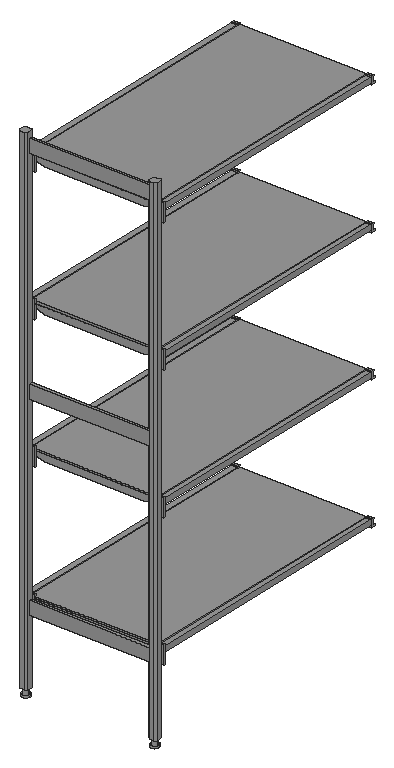
Revit family "QF_ZANUSSI_137072_CLS918", category Attrezzature speciali, Revit 2020
Family settings
  Quota connettore circolare = Usa diametro
  Tipo di parte = Normale
  Basato su piano di lavoro = No
  Sempre verticale = Sì
  Taglio con vuoti quando caricato = No
  Condiviso = No
  Punto di calcolo locali = No
Parameters (values of type "Standard")
  Weight = 17.00 kg
  Watts = 0 W
  Volts = 0 V
  URL Manufacturer = "http://www.zanussiprofessional.com"
  URL = "http://www.zanussiprofessional.com"
  Steam Supply Size = 0 mm
  Steam Supply Minimum Pressure = 0.0 Pa
  Steam Supply Maximum Pressure = 0.0 Pa
  Steam Consumption per Hour = 0
  Refrigeration Suction Line Size = 0.0 mm
  Refrigeration Liquid Line Size = 0.0 mm
  Refrigerant Compressor Remote = yes
  Prospetto di default = 0.0 mm
  Phase = 0
  Modello = "CLS918"
  Produttore = "Zanussi"
  Length Actual = 922.0 mm  # constant formula
  Item Number = "137072"
  Hot Water Size = 0 mm
  Height Actual = 1700.0 mm  # constant formula
  HP = "0 HP"
  Gas Size = 0 mm
  Gas KW = 0
  Gas Input Pressure = 0 W
  Direct Waste Size = 0 mm
  Descrizione = "ALUM.CORNER SHELV.-POLY.TIERS-475X922MM"
  Depth Actual = 474.0 mm  # constant formula
  Cycle = 0 Hz
  Condensate Return Size = 0 mm
  Compressed Air Volume = 0.0 L/s
  Compressed Air Size = 0 mm
  Compressed Air Pressure = 0.0 Pa
  Cold Water Size = 0 mm
  Accessory = yes
Reference planes
  plane 1: z = 0
  plane 2 "Center (F/B)": y = -163.5
  plane 3 "Front": y = -549.5
  plane 4 "Left": x = -217.5
  plane 5 "Right": x = 256.5
  plane 6 "TOP": z = 1700
  plane 7: y = -517.5
  plane 8: y = 368.5
  plane 9 "Center (Left/Right)": x = 19.5
  plane 10: y = 363.5
  plane 11: x = -186
  plane 12: x = 225
  plane 13 "FEET": z = 25
  plane 14: z = 275
  plane 15: z = 725
  plane 16: z = 1175
  plane 17: z = 1625
  plane 18 "CXLeft": y = -535.5
  plane 19: x = -200
  plane 20 "CYBack": x = -200
  plane 21 "CYFront": x = 138
  plane 22 "Back": y = 372.5
  plane 23 "LEFT_ORIGIN": x = -252.5
  plane 24 "BACK_Origin": y = 846.5
Forms (mm)
  Extrusion 1, solid, material "QF_Aluminum"
    sketch origin (0, -549.5, 0) x (-1, 0, 0) y (0, 0, 1)
      loop
        line (198.5, 1650.994) -> (198.5, 1632.998) -> (217.5, 1632.998) -> (217.5, 1650.994) -> (198.5, 1650.994)
      loop
        line (-238.5, 1650.994) -> (-256.5, 1650.994) -> (-256.5, 1632.998) -> (-238.5, 1632.998) -> (-238.5, 1650.994)
      loop
        line (198.5, 1200.994) -> (198.5, 1182.998) -> (217.5, 1182.998) -> (217.5, 1200.994) -> (198.5, 1200.994)
      loop
        line (-238.522, 1200.994) -> (-256.5, 1200.994) -> (-256.5, 1182.998) -> (-238.522, 1182.998) -> (-238.522, 1200.994)
      loop
        line (198.5, 750.994) -> (198.5, 732.998) -> (217.5, 732.998) -> (217.5, 750.994) -> (198.5, 750.994)
      loop
        line (-238.522, 750.994) -> (-256.5, 750.994) -> (-256.5, 732.998) -> (-238.522, 732.998) -> (-238.522, 750.994)
      loop
        line (198.5, 300.994) -> (198.5, 282.998) -> (217.5, 282.998) -> (217.5, 300.994) -> (198.5, 300.994)
      loop
        line (-238.522, 300.994) -> (-256.5, 300.994) -> (-256.5, 282.998) -> (-238.522, 282.998) -> (-238.522, 300.994)
    from 32 to 918
  Extrusion 2, solid, material "QF_Polyethylene"
    sketch origin (0, -549.5, 0) x (-1, 0, 0) y (0, 0, 1)
      loop
        line (196.507, 1650.994) -> (-236.522, 1650.994) -> (-236.522, 1644.496) -> (196.507, 1644.496) -> (196.507, 1650.994)
      loop
        line (196.507, 1200.994) -> (-236.522, 1200.994) -> (-236.522, 1194.496) -> (196.507, 1194.496) -> (196.507, 1200.994)
      loop
        line (196.507, 750.994) -> (-236.522, 750.994) -> (-236.522, 744.496) -> (196.507, 744.496) -> (196.507, 750.994)
      loop
        line (196.507, 300.994) -> (-236.522, 300.994) -> (-236.522, 294.496) -> (196.507, 294.496) -> (196.507, 300.994)
    from 32 to 918
Lines and regions (mm)
  symbolic lines
    curve 1: line (-198.5, 368.5, 1700) -> (-198.5, -517.5, 1700)
    curve 2: line (-217.5, -521.5, 1700) -> (-217.5, 368.5, 1700)
    curve 3: line (256.5, -521.5, 1700) -> (256.5, 368.5, 1700)
    curve 4: line (-181.507, -517.5, 1700) -> (220.507, -517.5, 1700)
    curve 5: line (238.522, -517.5, 1700) -> (238.522, 368.5, 1700)
    curve 6: line (-198.5, 368.5, 1700) -> (238.522, 368.5, 1700)
Dimensions and locks
  plane 3 "Front" to plane 2 "Center (F/B)" = 386.0 mm
  locked: plane 6 "TOP" to level at 1700
  locked: plane 4 "Left" to plane 5 "Right" at 474
  locked: plane 7 to plane 8 at 886
  locked: plane 3 "Front" to plane 7 at 32
  plane 10 to plane 8 = 5.0 mm
  locked: plane 11 to plane 12 at 411
  equal spacing: plane 11, plane 9 "Center (Left/Right)", plane 12
  equal spacing: plane 4 "Left", plane 9 "Center (Left/Right)", plane 5 "Right"
  plane 13 "FEET" to level = 25.0 mm
  plane 6 "TOP" to plane 13 "FEET" = 1675.0 mm
  plane 14 to plane 13 "FEET" = 250.0 mm
  plane 15 to plane 14 = 450.0 mm
  plane 16 to plane 15 = 450.0 mm
  plane 17 to plane 16 = 450.0 mm
  locked: plane 3 "Front" to plane 18 "CXLeft" at 14
  locked: plane 3 "Front" to plane 22 "Back" at 922
  plane 23 "LEFT_ORIGIN" to plane 5 "Right" = 509.0 mm
  locked: plane 22 "Back" to plane 24 "BACK_Origin" at 474
  aligned and locked: level to plane 1
  aligned and locked: Extrusion 2 to plane 7
  aligned and locked: plane 8 to Extrusion 2
  aligned and locked: Extrusion 1 to plane 7
  aligned and locked: plane 8 to Extrusion 1
  aligned and locked: Extrusion 1 sketch curve to Extrusion 1 sketch curve  (x2)
  aligned and locked: plane 18 "CXLeft" to nested 1
  aligned and locked: nested 2 to plane 10
Automatic sketch dimensions
  curve 2 to plane 4 "Left" = 0.0 mm
  curve 3 to plane 5 "Right" = 0.0 mm
  plane 7 to curve 1 = 0.0 mm
  plane 7 to curve 4 = 0.0 mm
  plane 7 to curve 5 = 0.0 mm
  plane 8 to curve 2 = 0.0 mm
  plane 8 to curve 1 = 0.0 mm
  plane 8 to curve 3 = 0.0 mm
  curve 5 to plane 21 "CYFront" = 100.522 mm
  plane 19 to curve 6 = 1.5 mm
  plane 7 to curve 3 = 4.0 mm
  plane 7 to curve 2 = 4.0 mm
  plane 12 to curve 4 = 4.493 mm
  curve 4 to plane 11 = 4.493 mm
  plane 5 "Right" to Extrusion 1 sketch curve = 0.0 mm  (x4)
  plane 4 "Left" to Extrusion 1 sketch curve = 0.0 mm  (x4)
  Extrusion 1 sketch curve to plane 21 "CYFront" = 100.522 mm
  Extrusion 1 sketch curve to plane 21 "CYFront" = 100.5 mm
  plane 19 to Extrusion 1 sketch curve = 1.5 mm  (x4)
  plane 14 to Extrusion 1 sketch curve = 7.998 mm  (x2)
  Extrusion 1 sketch curve to Extrusion 1 sketch curve = 17.997 mm  (x8)
  plane 15 to Extrusion 1 sketch curve = 7.998 mm  (x2)
  plane 16 to Extrusion 1 sketch curve = 7.998 mm  (x2)
  plane 17 to Extrusion 1 sketch curve = 7.998 mm  (x2)
  Extrusion 2 sketch curve to plane 21 "CYFront" = 98.522 mm  (x4)
  plane 19 to Extrusion 2 sketch curve = 3.493 mm  (x4)
  plane 14 to Extrusion 2 sketch curve = 19.496 mm
  Extrusion 2 sketch curve to Extrusion 2 sketch curve = 6.499 mm  (x4)
  plane 15 to Extrusion 2 sketch curve = 19.496 mm
  plane 16 to Extrusion 2 sketch curve = 19.496 mm
  plane 17 to Extrusion 2 sketch curve = 19.496 mm
Nested families
  nested 1: "WT_Anta475" at (-194.5, -132.5, 0) x (0, 1, 0) z (0, 0, 1), type "WT_Anta475"
  nested 2: "WT_Aggancio475" at (-194.5, 780.5, 0) x (0, 1, 0) z (0, 0, 1), type "WT_Aggancio475"
Definition of nested family "WT_Anta475"
  Parameters
    WidthLeft = A + 64.0 mm  # 772.0 mm
    Width = 1606.0 mm
    Right = WidthLeft / 2  # 386.0 mm
    Default Elevation = 0.0 mm
    Left = -WidthLeft / 2  # -386.0 mm
    Height = 1725.0 mm
    FEET = 25.0 mm
    E = 0.0 mm
    Dint = Depth - 63.0 mm  # 412.0 mm
    Dext = Depth - 8.0 mm  # 467.0 mm
    Depth = 475.0 mm
    DX = (WidthLeft - A) / 2  # 32.0 mm
    B = 798.0 mm
    A = 708.0 mm
  Reference planes
    plane 1: z = 0
    plane 2 "LEFT": x = -417
    plane 3 "BACK": y = 23
    plane 4 "FRONT": y = -452
    plane 5 "TOP": z = 1725
    plane 6 "Center (Front/Back)": y = -214.5
    plane 7: y = -8.5
    plane 8: y = -420.5
    plane 9 "FEET": z = 25
    plane 10: z = 275
    plane 11: z = 725
    plane 12: z = 1175
    plane 13: z = 1625
    plane 14 "CXLeft": x = -403
    plane 15: y = 5.5
    plane 16 "CYBack": y = 5.5
    plane 17 "CYFront": y = -434.5
    plane 18: x = -385.031
    plane 19: x = -380.031
  Forms (mm)
    Extrusion 1, solid
      sketch origin (0, 0, 0) x (1, 0, 0) y (0, 1, 0)
        loop
          line (-417, 13.246) -> (-417, -2.246) -> (-410.746, -8.5) -> (-395.254, -8.5) -> (-389, -2.246) -> (-389, 13.246) -> (-395.254, 19.5) -> (-410.746, 19.5) -> (-417, 13.246)
      from 1725 to 25
    Extrusion 2, solid
      sketch origin (-417, 0, 0) x (0, 1, 0) y (0, 0, 1)
        loop
          line (23, 246.005) -> (23, 307.993) -> (-12.993, 307.993) -> (-12.993, 246.005) -> (23, 246.005)
        loop
          line (-452, 246.005) -> (-416.007, 246.005) -> (-416.007, 307.993) -> (-452, 307.993) -> (-452, 246.005)
        loop
          line (23, 696.005) -> (23, 757.993) -> (-12.993, 757.993) -> (-12.993, 696.005) -> (23, 696.005)
        loop
          line (-452, 696.005) -> (-416.007, 696.005) -> (-416.007, 757.993) -> (-452, 757.993) -> (-452, 696.005)
        loop
          line (23, 1146.005) -> (23, 1207.993) -> (-12.993, 1207.993) -> (-12.993, 1146.005) -> (23, 1146.005)
        loop
          line (-452, 1146.005) -> (-416.007, 1146.005) -> (-416.007, 1207.993) -> (-452, 1207.993) -> (-452, 1146.005)
        loop
          line (23, 1596.005) -> (23, 1657.993) -> (-12.993, 1657.993) -> (-12.993, 1596.005) -> (23, 1596.005)
        loop
          line (-452, 1596.005) -> (-416.007, 1596.005) -> (-416.007, 1657.993) -> (-452, 1657.993) -> (-452, 1596.005)
      from 28 to 32
    Revolve 3, solid
      sketch origin (-403, 0, 0) x (0, 1, 0) y (0, 0, 1)
        loop
          line (5.5, 25) -> (5.5, 0) -> (19, 0) -> (19, 5) -> (14, 5) -> (14, 25) -> (5.5, 25)
        axis (5.5, 25) -> (5.5, 0)
      angle from 0 to 360
    Extrusion 4, solid
      sketch origin (-403, 0, 0) x (0, 1, 0) y (0, 0, 1)
        loop
          line (-8.5, 912.382) -> (-8.5, 957.374) -> (-420.5, 957.374) -> (-420.5, 912.382) -> (-8.5, 912.382)
        loop
          line (-8.5, 1662.244) -> (-8.5, 1707.236) -> (-420.5, 1707.236) -> (-420.5, 1662.244) -> (-8.5, 1662.244)
      from -5 to 5
    Revolve 5, solid
      sketch origin (-403, -627, 0) x (0, -1, 0) y (0, 0, 1)
        loop
          line (-192.5, 25) -> (-192.5, 0) -> (-179, 0) -> (-179, 5) -> (-184, 5) -> (-184, 25) -> (-192.5, 25)
        axis (-192.5, 25) -> (-192.5, 0)
      angle from 0 to 360
    Extrusion 6, solid
      sketch origin (0, -627, 0) x (1, 0, 0) y (0, 1, 0)
        loop
          line (-417, 184.754) -> (-410.746, 178.5) -> (-395.254, 178.5) -> (-389, 184.754) -> (-389, 200.246) -> (-395.254, 206.5) -> (-410.746, 206.5) -> (-417, 200.246) -> (-417, 184.754)
      from 1725 to 25
    Extrusion 7, solid
      sketch origin (-417.031, -0.022, 0) x (0, 1, 0) y (0, 0, -1)
        loop
          line (-12, -1632.998) -> (-46, -1620.994) -> (-383, -1620.994) -> (-417, -1632.998) -> (-433, -1632.998) -> (-433, -1650.994) -> (-431, -1650.994) -> (-431, -1644.496) -> (2.007, -1644.496) -> (2.007, -1650.994) -> (4, -1650.994) -> (4, -1632.998) -> (-12, -1632.998)
        loop
          line (-12, -1182.998) -> (-46, -1170.994) -> (-383, -1170.994) -> (-417, -1182.998) -> (-433, -1182.998) -> (-433, -1200.994) -> (-431, -1200.994) -> (-431, -1194.496) -> (2.007, -1194.496) -> (2.007, -1200.994) -> (4, -1200.994) -> (4, -1182.998) -> (-12, -1182.998)
        loop
          line (-12, -732.998) -> (-46, -720.994) -> (-383, -720.994) -> (-417, -732.998) -> (-433, -732.998) -> (-433, -750.994) -> (-431, -750.994) -> (-431, -744.496) -> (2.007, -744.496) -> (2.007, -750.994) -> (4, -750.994) -> (4, -732.998) -> (-12, -732.998)
        loop
          line (-12, -282.998) -> (-46, -270.994) -> (-383, -270.994) -> (-417, -282.998) -> (-433, -282.998) -> (-433, -300.994) -> (-431, -300.994) -> (-431, -294.496) -> (2.007, -294.496) -> (2.007, -300.994) -> (4, -300.994) -> (4, -282.998) -> (-12, -282.998)
      from -32 to -37
    Extrusion 8, solid
      sketch origin (-403, 0, -659.878) x (0, 1, 0) y (0, 0, 1)
        loop
          line (-8.5, 912.382) -> (-8.5, 957.374) -> (-420.5, 957.374) -> (-420.5, 912.382) -> (-8.5, 912.382)
        loop
          line (-8.5, 1572.382) -> (-8.5, 1617.374) -> (-420.5, 1617.374) -> (-420.5, 1572.382) -> (-8.5, 1572.382)
        loop
          line (-8.5, 2322.382) -> (-8.5, 2367.374) -> (-420.5, 2367.374) -> (-420.5, 2322.382) -> (-8.5, 2322.382)
      from -5 to 5
  Lines and regions (mm)
    symbolic lines
      curve 1: line (-408, -8.5, 1725) -> (-408, -420.5, 1725)
      curve 2: line (-398, -420.5, 1725) -> (-398, -8.5, 1725)
      curve 3: line (-395.254, -8.5, 1725) -> (-410.746, -8.5, 1725)
      curve 4: line (-417, -2.246, 1725) -> (-410.746, -8.5, 1725)
      curve 5: line (-417, 13.246, 1725) -> (-417, -2.246, 1725)
      curve 6: line (-410.746, 19.5, 1725) -> (-417, 13.246, 1725)
      curve 7: line (-395.254, 19.5, 1725) -> (-410.746, 19.5, 1725)
      curve 8: line (-389, 13.246, 1725) -> (-395.254, 19.5, 1725)
      curve 9: line (-395.254, -8.5, 1725) -> (-389, -2.246, 1725)
      curve 10: line (-395.254, -420.5, 1725) -> (-410.746, -420.5, 1725)
      curve 11: line (-417, -426.754, 1725) -> (-410.746, -420.5, 1725)
      curve 12: line (-410.746, -448.5, 1725) -> (-417, -442.246, 1725)
      curve 13: line (-395.254, -448.5, 1725) -> (-410.746, -448.5, 1725)
      curve 14: line (-389, -442.246, 1725) -> (-395.254, -448.5, 1725)
      curve 15: line (-395.254, -420.5, 1725) -> (-389, -426.754, 1725)
      curve 16: line (-389, -452, 1725) -> (-389, -416.007, 1725)
      curve 17: line (-389, -416.007, 1725) -> (-385, -416.007, 1725)
      curve 18: line (-389, 23, 1725) -> (-389, -12.993, 1725)
      curve 19: line (-389, -12.993, 1725) -> (-385, -12.993, 1725)
      curve 20: line (-417, -426.754, 1725) -> (-417, -442.246, 1725)
      curve 21: line (-385, -452, 1725) -> (-385, -416.007, 1725)
      curve 22: line (-385, -452, 1725) -> (-389, -452, 1725)
      curve 23: line (-385, 23, 1725) -> (-389, 23, 1725)
      curve 24: line (-385, -12.993, 1725) -> (-385, 23, 1725)
      curve 25: line (-385.031, -13.016, 1725) -> (-385.031, -416.029, 1725)
  Dimensions and locks
    "Height": plane 5 "TOP" to level
    "Depth": plane 3 "BACK" to plane 4 "FRONT"
    "Dint": plane 7 to plane 8
    equal spacing: plane 7, plane 6 "Center (Front/Back)", plane 8
    equal spacing: plane 3 "BACK", plane 6 "Center (Front/Back)", plane 4 "FRONT"
    plane 9 "FEET" to level = 25.0 mm
    plane 5 "TOP" to plane 9 "FEET" = 1700.0 mm
    plane 10 to plane 9 "FEET" = 250.0 mm
    plane 11 to plane 10 = 450.0 mm
    plane 12 to plane 11 = 450.0 mm
    plane 13 to plane 12 = 450.0 mm
    locked: plane 2 "LEFT" to plane 14 "CXLeft" at 14
    locked: plane 3 "BACK" to plane 16 "CYBack" at 17.5
    locked: plane 17 "CYFront" to plane 4 "FRONT" at 17.5
    locked: Revolve 3 sketch curve to Revolve 3 sketch curve at 8.5
    locked: Revolve 3 sketch curve to plane 16 "CYBack" at 13.5
    locked: Revolve 5 sketch curve to Revolve 5 sketch curve at 8.5
    aligned and locked: level to plane 1
    aligned and locked: curve 20 to Extrusion 6
    aligned and locked: plane 5 "TOP" to Extrusion 1
    aligned and locked: plane 5 "TOP" to Extrusion 6
    aligned and locked: Extrusion 7 sketch curve to Extrusion 7 sketch curve  (x3)
  Automatic sketch dimensions
    curve 16 to plane 4 "FRONT" = 0.0 mm
    curve 11 to plane 8 = 0.0 mm
    curve 9 to plane 7 = 0.0 mm
    curve 5 to plane 2 "LEFT" = 0.0 mm
    curve 23 to plane 3 "BACK" = 0.0 mm
    plane 4 "FRONT" to curve 13 = 3.5 mm
    curve 20 to plane 17 "CYFront" = 7.746 mm
    curve 20 to plane 8 = 6.254 mm
    plane 8 to curve 16 = 4.493 mm
    curve 24 to plane 18 = 0.031 mm
    curve 24 to plane 7 = 4.493 mm
    plane 7 to curve 5 = 6.254 mm
    curve 5 to plane 15 = 7.746 mm
    curve 6 to plane 3 "BACK" = 3.5 mm
    curve 21 to plane 18 = 0.031 mm
    plane 18 to curve 23 = 3.969 mm
    plane 18 to curve 16 = 3.969 mm
    curve 18 to curve 8 = 6.254 mm
    curve 18 to curve 3 = 6.254 mm
    curve 16 to curve 13 = 6.254 mm
    curve 16 to curve 15 = 6.254 mm
    plane 2 "LEFT" to curve 10 = 6.254 mm
    plane 2 "LEFT" to curve 7 = 6.254 mm
    plane 2 "LEFT" to curve 12 = 6.254 mm
    plane 2 "LEFT" to curve 3 = 6.254 mm
    curve 14 to plane 17 "CYFront" = 7.746 mm
    curve 15 to plane 8 = 6.254 mm
    plane 7 to curve 9 = 6.254 mm
    curve 8 to plane 15 = 7.746 mm
    curve 3 to curve 2 = 2.746 mm
    curve 1 to curve 10 = 2.746 mm
    Extrusion 1 sketch curve to plane 2 "LEFT" = 0.0 mm
    Extrusion 1 sketch curve to plane 7 = 0.0 mm
    plane 2 "LEFT" to Extrusion 1 sketch curve = 6.254 mm  (x2)
    plane 14 "CXLeft" to Extrusion 1 sketch curve = 7.746 mm  (x2)
    Extrusion 1 sketch curve to plane 3 "BACK" = 3.5 mm
    plane 18 to Extrusion 1 sketch curve = 3.969 mm
    plane 7 to Extrusion 1 sketch curve = 6.254 mm  (x2)
    Extrusion 1 sketch curve to plane 15 = 7.746 mm  (x2)
    Extrusion 2 sketch curve to plane 4 "FRONT" = 0.0 mm  (x4)
    Extrusion 2 sketch curve to plane 3 "BACK" = 0.0 mm  (x4)
    plane 8 to Extrusion 2 sketch curve = 4.493 mm  (x4)
    Extrusion 2 sketch curve to plane 7 = 4.493 mm  (x4)
    Extrusion 2 sketch curve to plane 10 = 28.995 mm  (x2)
    plane 10 to Extrusion 2 sketch curve = 32.993 mm  (x2)
    Extrusion 2 sketch curve to plane 11 = 28.995 mm  (x2)
    plane 11 to Extrusion 2 sketch curve = 32.993 mm  (x2)
    Extrusion 2 sketch curve to plane 12 = 28.995 mm  (x2)
    plane 12 to Extrusion 2 sketch curve = 32.993 mm  (x2)
    Extrusion 2 sketch curve to plane 13 = 28.995 mm  (x2)
    plane 13 to Extrusion 2 sketch curve = 32.993 mm  (x2)
    Revolve 3 sketch curve to plane 9 "FEET" = 0.0 mm  (x2)
    Revolve 3 sketch curve to plane 15 = 0.0 mm  (x2)
    Revolve 3 sketch curve to level = 0.0 mm
    level to Revolve 3 sketch curve = 5.0 mm
    Revolve 3 sketch curve to Revolve 3 sketch curve = 11.655 mm
    Extrusion 4 sketch curve to plane 8 = 0.0 mm  (x2)
    Extrusion 4 sketch curve to plane 7 = 0.0 mm  (x2)
    plane 11 to Extrusion 4 sketch curve = 187.382 mm
    Extrusion 4 sketch curve to Extrusion 4 sketch curve = 44.992 mm
    plane 13 to Extrusion 4 sketch curve = 37.244 mm
    Extrusion 4 sketch curve to plane 5 "TOP" = 17.764 mm
    Revolve 5 sketch curve to plane 9 "FEET" = 0.0 mm  (x2)
    Revolve 5 sketch curve to plane 17 "CYFront" = 0.0 mm  (x2)
    Revolve 5 sketch curve to level = 0.0 mm
    Revolve 5 sketch curve to plane 4 "FRONT" = 4.0 mm
    Revolve 5 sketch curve to Revolve 5 sketch curve = 5.0 mm
    level to Revolve 5 sketch curve = 11.655 mm
    Extrusion 6 sketch curve to plane 2 "LEFT" = 0.0 mm
    Extrusion 6 sketch curve to plane 8 = 0.0 mm
    Extrusion 6 sketch curve to plane 2 "LEFT" = 6.254 mm  (x2)
    Extrusion 6 sketch curve to plane 14 "CXLeft" = 7.746 mm  (x2)
    Extrusion 6 sketch curve to plane 4 "FRONT" = 3.5 mm
    Extrusion 6 sketch curve to plane 18 = 3.969 mm
    plane 8 to Extrusion 6 sketch curve = 6.254 mm  (x2)
    plane 17 "CYFront" to Extrusion 6 sketch curve = 7.746 mm  (x2)
    plane 17 "CYFront" to Extrusion 7 sketch curve = 1.478 mm  (x4)
    Extrusion 7 sketch curve to Extrusion 7 sketch curve = 2.0 mm
    plane 8 to Extrusion 7 sketch curve = 3.478 mm  (x4)
    Extrusion 7 sketch curve to plane 10 = 4.006 mm
    Extrusion 7 sketch curve to Extrusion 7 sketch curve = 34.0 mm  (x4)
    Extrusion 7 sketch curve to plane 11 = 4.006 mm
    Extrusion 7 sketch curve to plane 12 = 4.006 mm
    Extrusion 7 sketch curve to plane 13 = 4.006 mm
    Extrusion 7 sketch curve to plane 7 = 37.522 mm  (x4)
    Extrusion 7 sketch curve to plane 7 = 3.522 mm  (x4)
    plane 15 to Extrusion 7 sketch curve = 3.516 mm  (x4)
    plane 15 to Extrusion 7 sketch curve = 1.522 mm  (x4)
    plane 13 to Extrusion 7 sketch curve = 7.998 mm  (x2)
    Extrusion 7 sketch curve to Extrusion 7 sketch curve = 11.498 mm
    Extrusion 7 sketch curve to Extrusion 7 sketch curve = 6.499 mm  (x5)
    plane 12 to Extrusion 7 sketch curve = 25.994 mm  (x2)
    plane 12 to Extrusion 7 sketch curve = 7.998 mm  (x2)
    plane 11 to Extrusion 7 sketch curve = 25.994 mm  (x2)
    plane 11 to Extrusion 7 sketch curve = 7.998 mm  (x2)
    plane 10 to Extrusion 7 sketch curve = 25.994 mm  (x2)
    plane 10 to Extrusion 7 sketch curve = 7.998 mm  (x2)
    curve 25 to plane 18 = 0.0 mm
    plane 8 to curve 25 = 4.471 mm
    curve 25 to plane 7 = 4.516 mm
    Extrusion 8 sketch curve to plane 8 = 0.0 mm  (x3)
    Extrusion 8 sketch curve to plane 7 = 0.0 mm  (x3)
    Extrusion 8 sketch curve to plane 10 = 22.496 mm
    plane 10 to Extrusion 8 sketch curve = 22.496 mm
    plane 11 to Extrusion 8 sketch curve = 187.504 mm
    Extrusion 8 sketch curve to Extrusion 8 sketch curve = 44.992 mm
    plane 13 to Extrusion 8 sketch curve = 37.504 mm
    Extrusion 8 sketch curve to plane 5 "TOP" = 17.504 mm
Definition of nested family "WT_Aggancio475"
  Parameters
    WidthLeft = A + 64.0 mm  # 772.0 mm
    Width = 1606.0 mm
    Right = WidthLeft / 2  # 386.0 mm
    Default Elevation = 0.0 mm
    Left = -WidthLeft / 2  # -386.0 mm
    Height = 1725.0 mm
    FEET = 25.0 mm
    E = 0.0 mm
    Dint = Depth - 63.0 mm  # 412.0 mm
    Dext = Depth - 8.0 mm  # 467.0 mm
    Depth = 475.0 mm
    DX = (WidthLeft - A) / 2  # 32.0 mm
    B = 798.0 mm
    A = 708.0 mm
  Reference planes
    plane 1: z = 0
    plane 2 "LEFT": x = -417
    plane 3 "BACK": y = 23
    plane 4 "FRONT": y = -452
    plane 5 "TOP": z = 1725
    plane 6 "Center (Front/Back)": y = -214.5
    plane 7: y = -8.5
    plane 8: y = -420.5
    plane 9 "FEET": z = 25
    plane 10: z = 275
    plane 11: z = 725
    plane 12: z = 1175
    plane 13: z = 1625
    plane 14: y = 5.5
    plane 15 "CYBack": y = 5.5
    plane 16 "CYFront": y = -434.5
  Forms (mm)
    Extrusion 1, solid
      sketch origin (-380, -0.022, 0) x (0, 1, 0) y (0, 0, 1)
        loop
          line (-12, 1632.998) -> (4, 1632.998) -> (4, 1650.994) -> (2.007, 1650.994) -> (2.007, 1644.496) -> (-431, 1644.496) -> (-431, 1650.994) -> (-433, 1650.994) -> (-433, 1632.998) -> (-417, 1632.998) -> (-383, 1620.994) -> (-46, 1620.994) -> (-12, 1632.998)
        loop
          line (-12, 1182.998) -> (4, 1182.998) -> (4, 1200.994) -> (2.007, 1200.994) -> (2.007, 1194.496) -> (-431, 1194.496) -> (-431, 1200.994) -> (-433, 1200.994) -> (-433, 1182.998) -> (-417, 1182.998) -> (-383, 1170.994) -> (-46, 1170.994) -> (-12, 1182.998)
        loop
          line (-12, 732.998) -> (4, 732.998) -> (4, 750.994) -> (2.007, 750.994) -> (2.007, 744.496) -> (-431, 744.496) -> (-431, 750.994) -> (-433, 750.994) -> (-433, 732.998) -> (-417, 732.998) -> (-383, 720.994) -> (-46, 720.994) -> (-12, 732.998)
        loop
          line (-12, 282.998) -> (4, 282.998) -> (4, 300.994) -> (2.007, 300.994) -> (2.007, 294.496) -> (-431, 294.496) -> (-431, 300.994) -> (-433, 300.994) -> (-433, 282.998) -> (-417, 282.998) -> (-383, 270.994) -> (-46, 270.994) -> (-12, 282.998)
      from -32 to -37
    Extrusion 2, solid
      sketch origin (-793.062, -324.754, 6.5) x (1, 0, 0) y (0, 0, 1)
        loop
          line (385.062, 1644.496) -> (385.062, 1647.496) -> (376.062, 1647.496) -> (376.062, 1620.994) -> (390.031, 1620.994) -> (390.031, 1626.496) -> (381.062, 1626.496) -> (381.062, 1644.496) -> (385.062, 1644.496)
        loop
          line (385.062, 1194.496) -> (385.062, 1197.496) -> (376.062, 1197.496) -> (376.062, 1170.994) -> (390.031, 1170.994) -> (390.031, 1176.496) -> (381.062, 1176.496) -> (381.062, 1194.496) -> (385.062, 1194.496)
        loop
          line (385.062, 744.496) -> (385.062, 747.496) -> (376.062, 747.496) -> (376.062, 720.994) -> (390.031, 720.994) -> (390.031, 726.496) -> (381.062, 726.496) -> (381.062, 744.496) -> (385.062, 744.496)
        loop
          line (385.062, 294.496) -> (385.062, 297.496) -> (376.062, 297.496) -> (376.062, 270.994) -> (390.031, 270.994) -> (390.031, 276.496) -> (381.062, 276.496) -> (381.062, 294.496) -> (385.062, 294.496)
      from 108.268 to 127.246
    Extrusion 3, solid
      sketch origin (-793.062, 32.754, 6.5) x (1, 0, 0) y (0, 0, 1)
        loop
          line (385.062, 1644.496) -> (385.062, 1647.496) -> (376.062, 1647.496) -> (376.062, 1620.994) -> (390.031, 1620.994) -> (390.031, 1626.496) -> (381.062, 1626.496) -> (381.062, 1644.496) -> (385.062, 1644.496)
        loop
          line (385.062, 1194.496) -> (385.062, 1197.496) -> (376.062, 1197.496) -> (376.062, 1170.994) -> (390.031, 1170.994) -> (390.031, 1176.496) -> (381.062, 1176.496) -> (381.062, 1194.496) -> (385.062, 1194.496)
        loop
          line (385.062, 744.496) -> (385.062, 747.496) -> (376.062, 747.496) -> (376.062, 720.994) -> (390.031, 720.994) -> (390.031, 726.496) -> (381.062, 726.496) -> (381.062, 744.496) -> (385.062, 744.496)
        loop
          line (385.062, 294.496) -> (385.062, 297.496) -> (376.062, 297.496) -> (376.062, 270.994) -> (390.031, 270.994) -> (390.031, 276.496) -> (381.062, 276.496) -> (381.062, 294.496) -> (385.062, 294.496)
      from 9.754 to 28.776
  Lines and regions (mm)
    symbolic lines
      curve 1: line (-412, -452, 0) -> (-408, -452, 0)
      curve 2: line (-412, -433.022, 0) -> (-412, -452, 0)
      curve 3: line (-408, -433.022, 0) -> (-412, -433.022, 0)
      curve 4: line (-408, -452, 0) -> (-408, -433.022, 0)
      curve 5: line (-412, 3.978, 0) -> (-408, 3.978, 0)
      curve 6: line (-412, 23, 0) -> (-412, 3.978, 0)
      curve 7: line (-408, 23, 0) -> (-412, 23, 0)
      curve 8: line (-408, 3.978, 0) -> (-408, 23, 0)
  Dimensions and locks
    "Height": plane 5 "TOP" to level
    "Depth": plane 3 "BACK" to plane 4 "FRONT"
    "Dint": plane 7 to plane 8
    equal spacing: plane 7, plane 6 "Center (Front/Back)", plane 8
    equal spacing: plane 3 "BACK", plane 6 "Center (Front/Back)", plane 4 "FRONT"
    plane 9 "FEET" to level = 25.0 mm
    plane 5 "TOP" to plane 9 "FEET" = 1700.0 mm
    plane 10 to plane 9 "FEET" = 250.0 mm
    plane 11 to plane 10 = 450.0 mm
    plane 12 to plane 11 = 450.0 mm
    plane 13 to plane 12 = 450.0 mm
    locked: plane 3 "BACK" to plane 15 "CYBack" at 17.5
    locked: plane 16 "CYFront" to plane 4 "FRONT" at 17.5
    aligned and locked: level to plane 1
    aligned and locked: Extrusion 1 sketch curve to Extrusion 1 sketch curve  (x3)
  Automatic sketch dimensions
    plane 16 "CYFront" to Extrusion 1 sketch curve = 1.478 mm  (x4)
    Extrusion 1 sketch curve to Extrusion 1 sketch curve = 2.0 mm
    plane 8 to Extrusion 1 sketch curve = 3.478 mm  (x4)
    Extrusion 1 sketch curve to plane 10 = 4.006 mm
    Extrusion 1 sketch curve to Extrusion 1 sketch curve = 34.0 mm  (x4)
    Extrusion 1 sketch curve to plane 11 = 4.006 mm
    Extrusion 1 sketch curve to plane 12 = 4.006 mm
    Extrusion 1 sketch curve to plane 13 = 4.006 mm
    Extrusion 1 sketch curve to plane 7 = 37.522 mm  (x4)
    Extrusion 1 sketch curve to plane 7 = 3.522 mm  (x4)
    plane 14 to Extrusion 1 sketch curve = 3.516 mm  (x4)
    plane 14 to Extrusion 1 sketch curve = 1.522 mm  (x4)
    plane 10 to Extrusion 1 sketch curve = 7.998 mm  (x2)
    Extrusion 1 sketch curve to Extrusion 1 sketch curve = 11.498 mm  (x4)
    Extrusion 1 sketch curve to Extrusion 1 sketch curve = 6.499 mm  (x8)
    plane 11 to Extrusion 1 sketch curve = 7.998 mm  (x2)
    plane 12 to Extrusion 1 sketch curve = 7.998 mm  (x2)
    plane 13 to Extrusion 1 sketch curve = 7.998 mm  (x2)
    plane 2 "LEFT" to Extrusion 2 sketch curve = 0.0 mm  (x4)
    plane 13 to Extrusion 2 sketch curve = 7.996 mm
    plane 11 to Extrusion 2 sketch curve = 7.996 mm
    Extrusion 2 sketch curve to Extrusion 2 sketch curve = 5.0 mm  (x4)
    plane 11 to Extrusion 2 sketch curve = 2.494 mm
    plane 10 to Extrusion 2 sketch curve = 28.996 mm
    Extrusion 2 sketch curve to Extrusion 2 sketch curve = 3.0 mm  (x4)
    plane 10 to Extrusion 2 sketch curve = 7.996 mm
    plane 10 to Extrusion 2 sketch curve = 2.494 mm
    Extrusion 2 sketch curve to Extrusion 2 sketch curve = 18.0 mm  (x3)
    plane 12 to Extrusion 2 sketch curve = 2.494 mm
    plane 12 to Extrusion 2 sketch curve = 7.996 mm
    plane 13 to Extrusion 2 sketch curve = 2.494 mm
    plane 2 "LEFT" to Extrusion 3 sketch curve = 0.0 mm  (x4)
    plane 13 to Extrusion 3 sketch curve = 7.996 mm
    plane 11 to Extrusion 3 sketch curve = 7.996 mm
    Extrusion 3 sketch curve to Extrusion 3 sketch curve = 5.0 mm  (x4)
    plane 11 to Extrusion 3 sketch curve = 2.494 mm
    plane 10 to Extrusion 3 sketch curve = 28.996 mm
    Extrusion 3 sketch curve to Extrusion 3 sketch curve = 3.0 mm  (x4)
    plane 10 to Extrusion 3 sketch curve = 7.996 mm
    plane 10 to Extrusion 3 sketch curve = 2.494 mm
    Extrusion 3 sketch curve to Extrusion 3 sketch curve = 18.0 mm  (x3)
    plane 12 to Extrusion 3 sketch curve = 2.494 mm
    plane 12 to Extrusion 3 sketch curve = 7.996 mm
    plane 13 to Extrusion 3 sketch curve = 2.494 mm
    plane 2 "LEFT" to curve 1 = 5.0 mm
    plane 2 "LEFT" to curve 7 = 5.0 mm
    curve 1 to plane 16 "CYFront" = 17.5 mm
    curve 3 to plane 8 = 12.522 mm
    plane 7 to curve 5 = 12.478 mm
    curve 7 to plane 14 = 17.5 mm
    curve 5 to curve 5 = 4.0 mm
    curve 1 to curve 4 = 4.0 mm
    Extrusion 2 sketch curve to Extrusion 2 sketch curve = 4.0 mm  (x4)
    Extrusion 2 sketch curve to Extrusion 2 sketch curve = 8.969 mm  (x4)
    Extrusion 3 sketch curve to Extrusion 3 sketch curve = 4.0 mm  (x4)
    Extrusion 3 sketch curve to Extrusion 3 sketch curve = 8.969 mm  (x4)
